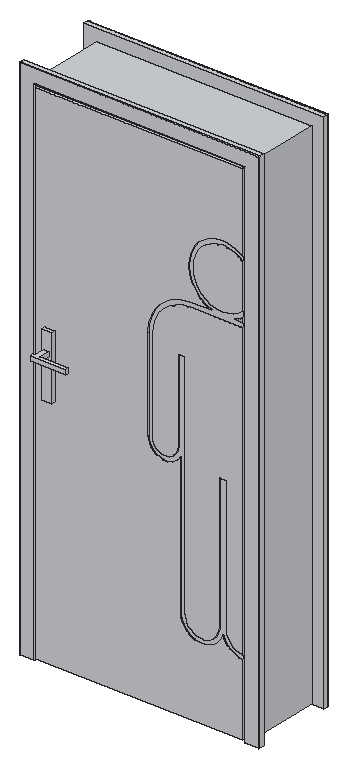
Revit family "PortaVECTORbp_M", category Drzwi, Revit 2016
Family settings
  Obiekt nadrzędny = Ściana
  Zawsze pionowo = Tak
  Tnij formami wycięć po wczytaniu = Nie
  Współdzielony = Nie
  Punkt obliczania pomieszczeń = Nie
Parameters (values of type "PN 80")
  Zakres szerokości muru [instance] = if(and(Szerokość ściany > 94 mm, Szerokość ściany < 120 mm), "B", (if(and(Szerokość ściany > 119 mm, Szerokość ściany < 140 mm), "C", (if(and(Szerokość ściany > 139 mm, Szerokość ściany < 160 mm), "D", (if(and(Szerokość ściany > 159 mm, Szerokość ściany < 180 mm), "E", (if(and(Szerokość ściany > 179 mm, Szerokość ściany < 200 mm), "F", (if(and(Szerokość ściany > 199 mm, Szerokość ściany < 220 mm), "G", (if(and(Szerokość ściany > 219 mm, Szerokość ściany < 240 mm), "H", (if(and(Szerokość ściany > 239 mm, Szerokość ściany < 260 mm), "I", (if(and(Szerokość ściany > 259 mm, Szerokość ściany < 280 mm), "J", (if(and(Szerokość ściany > 279 mm, Szerokość ściany < 301 mm), "K", "BRAK")))))))))))))))))))  # "K"
  Wysokość brutto = 2060 mm
  Szerokość ściany [instance] = 300 mm
  Szerokość brutto = 880 mm
  Model = "Porta Vector M"
  Konstrukcja analityczna = "<Brak>"
  Funkcja = Wewnętrzna
  URL = "www.porta.com.pl"
  Ss = 818 mm
  Sb = 846 mm
  Producent = "PORTA KMI POLAND"
  Keynote = ""
  Opis = "Własność Porta KMI Poland, wszelkie prawa zastrzeżone."  # constant formula
  Wysokość = 2016 mm
  Zakończenie ściany = Wg obiektu nadrzędnego
  Szerokość = 800 mm
  Materiał_skrzydło [instance] = none
  Materiał_ościeżnica [instance] = none
  Materiał_klamka [instance] = none
  Hs = 2017 mm
Types (5, lengths in mm): name | Szerokość brutto | Ss | Sb | Szerokość
  PN 70 | 780 | 718 | 746 | 700
  PN 60 | 680 | 618 | 646 | 600
  PN 80 | 880 | 818 | 846 | 800
  PN 90 | 980 | 918 | 946 | 900
  PN 100 | 1080 | 1018 | 1046 | 1000
Reference planes
  plane 1: y = 0
  plane 2 "Środek (Lewa/Prawa)": x = 0
  plane 3 "Lewy": x = -440
  plane 4 "Prawy": x = 440
  plane 5: z = 2060
  plane 6 "Zewnętrzna": y = 150
  plane 7 "Wewnętrzna": y = -150
  plane 8 "skrzydło": y = -129
  plane 9: x = -409
  plane 10: x = 409
Forms (mm)
  Sweep 1, solid, material <- "Materiał_ościeżnica"
    path in 3D
      loop
        line (-440, -150, 0) -> (-440, -150, 2060) -> (440, -150, 2060) -> (440, -150, 0)
    profile origin (-440, -150, 1030) x (0, -1, 0) y (1, 0, 0)
      loop
        line (-24, 39) -> (-72, 39) -> (-72, 17) -> (0, 17) -> (0, -33) -> (16, -33)
        arc (16, -33) -> (18.121, -32.121) -> (19, -30) r 3
        line (19, -30) -> (19, 24)
        arc (19, 24) -> (18.121, 26.121) -> (16, 27) r 3
        line (16, 27) -> (-24, 27) -> (-24, 39)
  Sweep 2, solid, material <- "Materiał_ościeżnica"
    path in 3D
      loop
        line (440, 150, 0) -> (440, 150, 2060) -> (-440, 150, 2060) -> (-440, 150, 0)
    profile origin (-440, 150, 1030) x (1, 0, 0) y (0, 1, 0)
      loop
        line (-33, 0) -> (17, 0) -> (17, -228) -> (39, -228) -> (39, -1)
        arc (39, -1) -> (37.536, 2.536) -> (34, 4) r 5
        line (34, 4) -> (25, 4) -> (25, 16)
        arc (25, 16) -> (24.121, 18.121) -> (22, 19) r 3
        line (22, 19) -> (-30, 19)
        arc (-30, 19) -> (-32.121, 18.121) -> (-33, 16) r 3
        line (-33, 16) -> (-33, 0)
  Sweep 3, solid, not visible
    path in 3D
      loop
        line (-440, -150, 0) -> (-440, -150, 2060)
    profile origin (-440, -150, 1030) x (0, -1, 0) y (1, 0, 0)
      loop
        line (-151, 17) -> (-149, 17) -> (-149, 19) -> (-151, 19) -> (-151, 17)
Cuts and joins
  joined: Sweep 1, Sweep 2
Lines and regions (mm)
  Opening 1
    outline origin (-3050, -150, 0) x (1, 0, 0) y (0, 0, 1)
      loop
        line (2610, 0) -> (3490, 0) -> (3490, 2060) -> (2610, 2060) -> (2610, 0)
  sketch lines
    curve 1: line (-440, -150, 0) -> (-440, -150, 2060)
    curve 2: line (-440, -150, 2060) -> (440, -150, 2060)
    curve 3: line (440, -150, 2060) -> (440, -150, 0)
    curve 4: line (-440, 150, 2060) -> (-440, 150, 0)
    curve 5: line (440, 150, 2060) -> (-440, 150, 2060)
    curve 6: line (440, 150, 0) -> (440, 150, 2060)
    curve 12: line (-440, -150, 0) -> (-440, -150, 2060)
  symbolic lines, style "DoorsPanelProjection"
    curve 7: line (409, -150, 0) -> (409, -968, 0)
    curve 8: line (409, -968, 0) -> (369, -968, 0)
    curve 9: line (369, -968, 0) -> (369, -150, 0)
    curve 10: line (369, -150, 0) -> (409, -150, 0)
  symbolic lines, style "Ugięcie rzutu"
    curve 11: arc (-409, -150, 0) -> (-169.413, -728.413, 0) -> (409, -968, 0) r 818
Text (mm)
  text "Zewnętrzna" at (-2295.016, 1099.543, 0), in view "Poziom odniesienia"
  text "Zewnętrzna" at (0, 1615.38, 3698.081), in view "Lewy"
  text "Zewnętrzna" at (0, 1036.032, 3874.932), in view "Prawy"
Dimensions and locks
  equal spacing: plane 3 "Lewy", plane 2 "Środek (Lewa/Prawa)", plane 4 "Prawy"
  "Szerokość brutto": plane 3 "Lewy" to plane 4 "Prawy"
  "Wysokość brutto": plane 5 to host wall
  host wall to plane 5 = 2060 mm  (x2)
  locked: plane 6 "Zewnętrzna" to host wall at 0
  locked: plane 7 "Wewnętrzna" to host wall
  "Sb": Sweep 1 to Sweep 1
  locked: Sweep 1 sketch curve to Sweep 1 sketch curve at 22
  Sweep 1 sketch curve to Sweep 1 sketch curve = 50 mm
  locked: Sweep 1 sketch curve to profile plane at 72
  locked: Sweep 2 sketch curve to Sweep 2 sketch curve at 50
  locked: Sweep 2 sketch curve to Sweep 2 sketch curve at 22
  locked: Sweep 2 sketch curve to plane 6 "Zewnętrzna" at 1
  locked: curve 9 to curve 7 at 40
  "Ss": curve 8 to curve 10
  equal spacing: curve 11, plane 2 "Środek (Lewa/Prawa)", curve 7
  locked: plane 7 "Wewnętrzna" to plane 8 "skrzydło" at 21
  locked: host wall to Sweep 3 sketch curve at 1
  locked: Sweep 3 sketch curve to host wall at 1
  locked: Sweep 3 sketch curve to plane 6 "Zewnętrzna" at 151
  locked: plane 7 "Wewnętrzna" to Sweep 3 sketch curve at 151
  nested 1 to plane 2 "Środek (Lewa/Prawa)" to nested 1 = 409 mm, 409 mm
  locked: nested 1 to level at 8
  "Szerokość ściany": host wall to host wall
  equal spacing: plane 9, plane 2 "Środek (Lewa/Prawa)", plane 10
  "Ss": plane 9 to plane 10
  aligned and locked: plane 3 "Lewy" to Opening 1 sketch curve
  aligned and locked: plane 5 to Opening 1 sketch curve  (x2)
  aligned and locked: Opening 1 sketch curve to plane 4 "Prawy"
  aligned and locked: Opening 1 sketch curve to level
  aligned and locked: plane 1 to host wall
  aligned and locked: Sweep 1 to Sweep 2 sketch curve
  aligned and locked: plane 7 "Wewnętrzna" to curve 10
  aligned and locked: Sweep 3 sketch curve to cut or joined group of Sweep 1, Sweep 2
  aligned and locked: Sweep 2 sketch curve to cut or joined group of Sweep 1, Sweep 2
  aligned and locked: nested 1 to plane 8 "skrzydło"
  aligned and locked: nested 1 to plane 10
Automatic sketch dimensions
  profile plane to Sweep 1 sketch curve = 24 mm
  Sweep 1 sketch curve to profile plane = 16 mm  (x2)
  Sweep 1 sketch curve to Sweep 1 sketch curve = 3 mm
  profile plane to Sweep 1 sketch curve = 17 mm
  Sweep 1 sketch curve to Sweep 1 sketch curve = 7 mm
  Sweep 1 sketch curve to profile plane = 0 mm
  Sweep 2 sketch curve to profile plane = 0 mm
  Sweep 2 sketch curve to profile plane = 16 mm
  Sweep 2 sketch curve to Sweep 2 sketch curve = 3 mm
  Sweep 2 sketch curve to Sweep 2 sketch curve = 5 mm
  Sweep 2 sketch curve to profile plane = 4 mm
  Sweep 2 sketch curve to Sweep 2 sketch curve = 8 mm
  curve 11 to host wall = 0 mm
  Sweep 3 sketch curve to Sweep 3 sketch curve = 2 mm
Nested families
  nested 1: "skrzydło" at (0, -135.5, 0), Materiał_klamka <- "Materiał_klamka", Materiał_skrzydło <- "Materiał_skrzydło", type "skrzydło"
    with Materiał_skrzydło none, Materiał_klamka none, Ss 818 mm
Definition of nested family "skrzydło"
  Parameters
    Ss = 918 mm
    Materiał_skrzydło [instance] = none
    Materiał_klamka [instance] = none
    Hs = 2017 mm
  Reference planes
    plane 1 "Tył": y = 6.5
    plane 2: z = 0
    plane 3 "Środek (Lewa/Prawa)": x = 0
    plane 4 "Lewa": x = -509
    plane 5 "Prawa": x = 409
    plane 6 "Przód": y = -33.5
    plane 7: z = 2025
    plane 8 "Centrum": y = -13.5
    plane 9: z = 8
  Forms (mm)
    Extrusion 1, solid, material <- "Materiał_skrzydło"
      sketch origin (-1191.728, -1524, 8) x (-1, 0, 0) y (0, -1, 0)
        loop
          line (-1600.728, -1490.5) -> (-1600.728, -1530.5) -> (-682.728, -1530.5) -> (-682.728, -1490.5) -> (-1600.728, -1490.5)
      from 0 to 2017
    Extrusion 2, void
      sketch origin (-2140.117, -33.5, 1200) x (1, 0, 0) y (0, 0, 1)
        loop
          circle (2469.599, 409.547) r 116.994
        loop
          arc (2514.35, 282.289) -> (2469.775, 544.493) -> (2424.996, 282.324) r 134.9
          line (2424.996, 282.324) -> (2338.548, 282.357)
          arc (2338.548, 282.357) -> (2223.57, 233.512) -> (2174.277, 118.725) r 167.67
          line (2174.277, 118.725) -> (2174.238, -245.613)
          arc (2174.238, -245.613) -> (2224.826, -311.095) -> (2301.465, -279.893) r 68.38
          line (2301.465, -279.893) -> (2301.465, -823.621)
          arc (2301.465, -823.621) -> (2374.589, -908.61) -> (2469.888, -849.549) r 86.247
          arc (2469.888, -849.549) -> (2564.998, -908.653) -> (2638.525, -824.195) r 86.373
          line (2638.525, -824.195) -> (2638.525, -280.235)
          arc (2638.525, -280.235) -> (2715.559, -310.953) -> (2765.754, -244.936) r 68.511
          line (2765.754, -244.936) -> (2765.754, 117.914)
          arc (2765.754, 117.914) -> (2717.876, 232.548) -> (2604.023, 282.255) r 166.73
          line (2604.023, 282.255) -> (2514.35, 282.289)
        loop
          arc (2192.236, -245.401) -> (2242.406, -295.41) -> (2293.223, -246.059) r 50.501
          line (2293.223, -246.059) -> (2293.379, 80.299) -> (2319.463, 80.003) -> (2319.463, -823.428)
          arc (2319.463, -823.428) -> (2387.401, -891.715) -> (2456.035, -824.127) r 68.288
          line (2456.035, -824.127) -> (2456.162, -298.767) -> (2483.955, -298.801) -> (2483.968, -825.222)
          arc (2483.968, -825.222) -> (2552.942, -892.109) -> (2620.532, -823.823) r 68.289
          line (2620.532, -823.823) -> (2620.532, 79.827) -> (2646.718, 79.976) -> (2646.718, -247.41)
          arc (2646.718, -247.41) -> (2698.463, -295.458) -> (2747.754, -244.926) r 50.548
          line (2747.754, -244.926) -> (2747.754, 116.852)
          arc (2747.754, 116.852) -> (2705.288, 219.374) -> (2603.799, 264.255) r 149.263
          line (2603.799, 264.255) -> (2337.738, 264.358)
          arc (2337.738, 264.358) -> (2235.887, 220.604) -> (2192.275, 118.692) r 149.299
          line (2192.275, 118.692) -> (2192.236, -245.401)
      from -1 to 10
    Extrusion 3, void
      sketch origin (-2140.117, 6.5, 1200) x (1, 0, 0) y (0, 0, -1)
        loop
          circle (2469.599, -409.547) r 116.994
        loop
          line (2514.35, -282.289) -> (2604.023, -282.255)
          arc (2604.023, -282.255) -> (2717.876, -232.548) -> (2765.754, -117.914) r 166.73
          line (2765.754, -117.914) -> (2765.754, 244.936)
          arc (2765.754, 244.936) -> (2715.559, 310.953) -> (2638.525, 280.235) r 68.511
          line (2638.525, 280.235) -> (2638.525, 824.195)
          arc (2638.525, 824.195) -> (2564.998, 908.653) -> (2469.888, 849.549) r 86.373
          arc (2469.888, 849.549) -> (2374.589, 908.61) -> (2301.465, 823.621) r 86.247
          line (2301.465, 823.621) -> (2301.465, 279.893)
          arc (2301.465, 279.893) -> (2224.826, 311.095) -> (2174.238, 245.613) r 68.38
          line (2174.238, 245.613) -> (2174.277, -118.725)
          arc (2174.277, -118.725) -> (2223.57, -233.512) -> (2338.548, -282.357) r 167.67
          line (2338.548, -282.357) -> (2424.996, -282.324)
          arc (2424.996, -282.324) -> (2469.775, -544.493) -> (2514.35, -282.289) r 134.9
        loop
          line (2192.236, 245.401) -> (2192.275, -118.692)
          arc (2192.275, -118.692) -> (2235.887, -220.604) -> (2337.738, -264.358) r 149.299
          line (2337.738, -264.358) -> (2603.799, -264.255)
          arc (2603.799, -264.255) -> (2705.288, -219.374) -> (2747.754, -116.852) r 149.263
          line (2747.754, -116.852) -> (2747.754, 244.926)
          arc (2747.754, 244.926) -> (2698.463, 295.458) -> (2646.718, 247.41) r 50.548
          line (2646.718, 247.41) -> (2646.718, -79.976) -> (2620.532, -79.827) -> (2620.532, 823.823)
          arc (2620.532, 823.823) -> (2552.942, 892.109) -> (2483.968, 825.222) r 68.289
          line (2483.968, 825.222) -> (2483.955, 298.801) -> (2456.162, 298.767) -> (2456.035, 824.127)
          arc (2456.035, 824.127) -> (2387.401, 891.715) -> (2319.463, 823.428) r 68.288
          line (2319.463, 823.428) -> (2319.463, -80.003) -> (2293.379, -80.299) -> (2293.223, 246.059)
          arc (2293.223, 246.059) -> (2242.406, 295.41) -> (2192.236, 245.401) r 50.501
      from -1 to 10
  Cuts and joins
    Extrusion 2, Extrusion 3 cuts Extrusion 1
  Dimensions and locks
    "Ss": plane 4 "Lewa" to plane 5 "Prawa"
    locked: plane 9 to level at 8
    "Hs": plane 7 to plane 9
    locked: nested 1 to plane 9 at 934
    locked: plane 9 to nested 2 at 934
    equal spacing: plane 6 "Przód", plane 8 "Centrum", plane 1 "Tył"
    locked: plane 4 "Lewa" to nested 1 at 55
    locked: plane 4 "Lewa" to nested 2 at 55
    locked: plane 3 "Środek (Lewa/Prawa)" to plane 5 "Prawa" at 409
    aligned and locked: nested 1 to plane 6 "Przód"
    aligned and locked: plane 4 "Lewa" to Extrusion 1 sketch curve
    aligned and locked: plane 7 to Extrusion 1
    aligned and locked: nested 2 to nested 1
    aligned and locked: Extrusion 1 sketch curve to plane 5 "Prawa"
  Automatic sketch dimensions
    plane 1 "Tył" to Extrusion 1 sketch curve = 0 mm
    Extrusion 1 sketch curve to plane 6 "Przód" = 0 mm
    plane 3 "Środek (Lewa/Prawa)" to Extrusion 2 sketch curve = 34.121 mm
    plane 3 "Środek (Lewa/Prawa)" to Extrusion 2 sketch curve = 34.16 mm
    Extrusion 2 sketch curve to Extrusion 2 sketch curve = 0 mm  (x3)
    Extrusion 2 sketch curve to Extrusion 2 sketch curve = 17.998 mm  (x3)
    Extrusion 2 sketch curve to Extrusion 2 sketch curve = 50.38 mm
    Extrusion 2 sketch curve to Extrusion 2 sketch curve = 0.119 mm
    Extrusion 2 sketch curve to Extrusion 2 sketch curve = 50.488 mm
    Extrusion 2 sketch curve to Extrusion 2 sketch curve = 101.104 mm
    Extrusion 2 sketch curve to Extrusion 2 sketch curve = 8.242 mm
    Extrusion 2 sketch curve to Extrusion 2 sketch curve = 18.276 mm
    Extrusion 2 sketch curve to Extrusion 2 sketch curve = 0.809 mm
    Extrusion 2 sketch curve to Extrusion 2 sketch curve = 22.068 mm
    Extrusion 2 sketch curve to Extrusion 2 sketch curve = 0.368 mm
    Extrusion 2 sketch curve to Extrusion 2 sketch curve = 68.249 mm
    Extrusion 2 sketch curve to Extrusion 2 sketch curve = 0.04 mm
    Extrusion 2 sketch curve to Extrusion 2 sketch curve = 86.448 mm
    Extrusion 2 sketch curve to Extrusion 2 sketch curve = 68.285 mm
    Extrusion 2 sketch curve to plane 5 "Prawa" = 92.955 mm
    Extrusion 2 sketch curve to plane 5 "Prawa" = 79.518 mm
    Extrusion 2 sketch curve to Extrusion 2 sketch curve = 0.123 mm
    Extrusion 2 sketch curve to Extrusion 2 sketch curve = 13.853 mm
    Extrusion 2 sketch curve to Extrusion 2 sketch curve = 27.793 mm
    Extrusion 2 sketch curve to Extrusion 2 sketch curve = 27.933 mm
    Extrusion 2 sketch curve to plane 5 "Prawa" = 34.767 mm
    plane 5 "Prawa" to Extrusion 2 sketch curve = 3.04 mm
    Extrusion 2 sketch curve to Extrusion 2 sketch curve = 0.086 mm
    plane 5 "Prawa" to Extrusion 2 sketch curve = 49.384 mm
    Extrusion 2 sketch curve to Extrusion 2 sketch curve = 0.538 mm
    plane 5 "Prawa" to Extrusion 2 sketch curve = 54.682 mm
    Extrusion 2 sketch curve to Extrusion 2 sketch curve = 0.225 mm
    Extrusion 2 sketch curve to Extrusion 2 sketch curve = 22.031 mm
    Extrusion 2 sketch curve to Extrusion 2 sketch curve = 17.993 mm
    Extrusion 2 sketch curve to Extrusion 2 sketch curve = 26.186 mm
    Extrusion 2 sketch curve to Extrusion 2 sketch curve = 0.002 mm
    Extrusion 2 sketch curve to Extrusion 2 sketch curve = 50.486 mm
    Extrusion 2 sketch curve to Extrusion 2 sketch curve = 0.037 mm
    Extrusion 2 sketch curve to Extrusion 2 sketch curve = 101.036 mm
    Extrusion 2 sketch curve to Extrusion 2 sketch curve = 50.511 mm
    Extrusion 2 sketch curve to Extrusion 2 sketch curve = 18 mm
    plane 9 to Extrusion 2 sketch curve = 342.451 mm
    Extrusion 2 sketch curve to Extrusion 2 sketch curve = 24.327 mm
    Extrusion 2 sketch curve to Extrusion 2 sketch curve = 0.372 mm
    Extrusion 2 sketch curve to Extrusion 2 sketch curve = 1.095 mm
    Extrusion 2 sketch curve to Extrusion 2 sketch curve = 0.193 mm
    Extrusion 2 sketch curve to Extrusion 2 sketch curve = 525.326 mm
    Extrusion 2 sketch curve to Extrusion 2 sketch curve = 0.033 mm  (x3)
    Extrusion 2 sketch curve to Extrusion 2 sketch curve = 18.566 mm
    Extrusion 2 sketch curve to Extrusion 2 sketch curve = 18.874 mm
    Extrusion 2 sketch curve to Extrusion 2 sketch curve = 32.794 mm
    Extrusion 2 sketch curve to Extrusion 2 sketch curve = 33.834 mm
    Extrusion 2 sketch curve to Extrusion 2 sketch curve = 0.446 mm
    Extrusion 2 sketch curve to Extrusion 2 sketch curve = 0.212 mm
    Extrusion 2 sketch curve to Extrusion 2 sketch curve = 327.237 mm
    Extrusion 2 sketch curve to Extrusion 2 sketch curve = 0.149 mm
    Extrusion 2 sketch curve to Extrusion 2 sketch curve = 0.176 mm
    Extrusion 2 sketch curve to Extrusion 2 sketch curve = 0.296 mm
    Extrusion 2 sketch curve to Extrusion 2 sketch curve = 34.718 mm
    Extrusion 2 sketch curve to Extrusion 2 sketch curve = 35.258 mm
    Extrusion 2 sketch curve to Extrusion 2 sketch curve = 0.386 mm
    Extrusion 2 sketch curve to Extrusion 2 sketch curve = 0.514 mm
    Extrusion 2 sketch curve to Extrusion 2 sketch curve = 36.875 mm
    Extrusion 2 sketch curve to Extrusion 2 sketch curve = 1.062 mm
    Extrusion 2 sketch curve to Extrusion 2 sketch curve = 38.393 mm
    Extrusion 2 sketch curve to Extrusion 2 sketch curve = 0.034 mm
    Extrusion 2 sketch curve to Extrusion 2 sketch curve = 0.046 mm
    plane 3 "Środek (Lewa/Prawa)" to Extrusion 3 sketch curve = 34.121 mm
    plane 3 "Środek (Lewa/Prawa)" to Extrusion 3 sketch curve = 34.16 mm
    Extrusion 3 sketch curve to Extrusion 3 sketch curve = 0 mm  (x3)
    Extrusion 3 sketch curve to Extrusion 3 sketch curve = 17.998 mm  (x3)
    Extrusion 3 sketch curve to Extrusion 3 sketch curve = 50.38 mm
    Extrusion 3 sketch curve to Extrusion 3 sketch curve = 0.119 mm
    Extrusion 3 sketch curve to Extrusion 3 sketch curve = 50.488 mm
    Extrusion 3 sketch curve to Extrusion 3 sketch curve = 101.104 mm
    Extrusion 3 sketch curve to Extrusion 3 sketch curve = 8.242 mm
    Extrusion 3 sketch curve to Extrusion 3 sketch curve = 18.276 mm
    Extrusion 3 sketch curve to Extrusion 3 sketch curve = 0.809 mm
    Extrusion 3 sketch curve to Extrusion 3 sketch curve = 22.068 mm
    Extrusion 3 sketch curve to Extrusion 3 sketch curve = 0.368 mm
    Extrusion 3 sketch curve to Extrusion 3 sketch curve = 68.249 mm
    Extrusion 3 sketch curve to Extrusion 3 sketch curve = 0.04 mm
    Extrusion 3 sketch curve to Extrusion 3 sketch curve = 86.448 mm
    Extrusion 3 sketch curve to Extrusion 3 sketch curve = 68.285 mm
    Extrusion 3 sketch curve to plane 5 "Prawa" = 92.955 mm
    Extrusion 3 sketch curve to plane 5 "Prawa" = 79.518 mm
    Extrusion 3 sketch curve to Extrusion 3 sketch curve = 0.123 mm
    Extrusion 3 sketch curve to Extrusion 3 sketch curve = 13.853 mm
    Extrusion 3 sketch curve to Extrusion 3 sketch curve = 27.793 mm
    Extrusion 3 sketch curve to Extrusion 3 sketch curve = 27.933 mm
    Extrusion 3 sketch curve to plane 5 "Prawa" = 34.767 mm
    plane 5 "Prawa" to Extrusion 3 sketch curve = 3.04 mm
    Extrusion 3 sketch curve to Extrusion 3 sketch curve = 0.086 mm
    plane 5 "Prawa" to Extrusion 3 sketch curve = 49.384 mm
    Extrusion 3 sketch curve to Extrusion 3 sketch curve = 0.538 mm
    plane 5 "Prawa" to Extrusion 3 sketch curve = 54.682 mm
    Extrusion 3 sketch curve to Extrusion 3 sketch curve = 0.225 mm
    Extrusion 3 sketch curve to Extrusion 3 sketch curve = 22.031 mm
    Extrusion 3 sketch curve to Extrusion 3 sketch curve = 17.993 mm
    Extrusion 3 sketch curve to Extrusion 3 sketch curve = 26.186 mm
    Extrusion 3 sketch curve to Extrusion 3 sketch curve = 0.002 mm
    Extrusion 3 sketch curve to Extrusion 3 sketch curve = 50.487 mm
    Extrusion 3 sketch curve to Extrusion 3 sketch curve = 0.037 mm
    Extrusion 3 sketch curve to Extrusion 3 sketch curve = 101.036 mm
    Extrusion 3 sketch curve to Extrusion 3 sketch curve = 50.511 mm
    Extrusion 3 sketch curve to Extrusion 3 sketch curve = 18 mm  (x3)
    Extrusion 3 sketch curve to plane 7 = 415.407 mm
    Extrusion 3 sketch curve to Extrusion 3 sketch curve = 0.046 mm
    Extrusion 3 sketch curve to Extrusion 3 sketch curve = 127.19 mm
    Extrusion 3 sketch curve to Extrusion 3 sketch curve = 0.033 mm  (x3)
    Extrusion 3 sketch curve to Extrusion 3 sketch curve = 0.034 mm
    Extrusion 3 sketch curve to Extrusion 3 sketch curve = 145.633 mm
    Extrusion 3 sketch curve to Extrusion 3 sketch curve = 146.341 mm
    Extrusion 3 sketch curve to Extrusion 3 sketch curve = 1.062 mm
    Extrusion 3 sketch curve to Extrusion 3 sketch curve = 34.809 mm
    Extrusion 3 sketch curve to Extrusion 3 sketch curve = 0.296 mm
    Extrusion 3 sketch curve to Extrusion 3 sketch curve = 35.623 mm
    Extrusion 3 sketch curve to Extrusion 3 sketch curve = 0.149 mm
    Extrusion 3 sketch curve to Extrusion 3 sketch curve = 325.209 mm
    Extrusion 3 sketch curve to Extrusion 3 sketch curve = 324.902 mm
    Extrusion 3 sketch curve to Extrusion 3 sketch curve = 0.011 mm
    Extrusion 3 sketch curve to Extrusion 3 sketch curve = 0.159 mm
    Extrusion 3 sketch curve to Extrusion 3 sketch curve = 0.332 mm
    Extrusion 3 sketch curve to Extrusion 3 sketch curve = 0.212 mm
    Extrusion 3 sketch curve to Extrusion 3 sketch curve = 18.874 mm
    plane 9 to Extrusion 3 sketch curve = 368.76 mm
    Extrusion 3 sketch curve to Extrusion 3 sketch curve = 0.127 mm
    Extrusion 3 sketch curve to Extrusion 3 sketch curve = 0.061 mm
    Extrusion 3 sketch curve to Extrusion 3 sketch curve = 0.193 mm
    Extrusion 3 sketch curve to Extrusion 3 sketch curve = 0.372 mm
    radius of Extrusion 2 sketch curve = 116.994 mm
    radius of Extrusion 3 sketch curve = 116.994 mm
  Nested families
    nested 1: "KLAMKA" at (-454, -33.5, 1067), Materiał klamki <- "Materiał_klamka", type "KLAMKA"
      with Materiał klamki none
    nested 2: "KLAMKA" at (-454, 6.5, 1067), Materiał klamki <- "Materiał_klamka", type "KLAMKA"
      with Materiał klamki none
  Definition of nested family "KLAMKA"
    Parameters
      Materiał klamki [instance] = none
      Assembly Code = ""
      Default Elevation = 1219.2 mm
    Reference planes
      plane 1 "Center (Front/Back)": y = 0
      plane 2: z = 0
      plane 3 "Center (Left/Right)": x = 0
      plane 4: z = 125
      plane 5: z = -125
      plane 6: x = 20
      plane 7: x = -20
      plane 8: y = -70
      plane 9: y = -60
      plane 10: x = 10
      plane 11: x = -10
      plane 12: x = 120
      plane 13: z = 35
      plane 14: z = 55
      plane 15: y = -15
    Forms (mm)
      Extrusion 1, solid, material <- "Materiał klamki"
        sketch origin (0, 0, 0) x (1, 0, 0) y (0, 0, 1)
          loop
            line (-20, 125) -> (-20, -125) -> (20, -125) -> (20, 125) -> (-20, 125)
        from 0 to 15
      Extrusion 2, solid, material <- "Materiał klamki"
        sketch origin (0, 0, 0) x (1, 0, 0) y (0, 1, 0)
          loop
            line (-10, -15) -> (-10, -60) -> (-20, -60) -> (-20, -70) -> (120, -70) -> (120, -60) -> (10, -60) -> (10, -15) -> (-10, -15)
        from 35 to 55
    Dimensions and locks
      equal spacing: plane 4, plane 2, plane 5
      plane 4 to plane 5 = 250 mm
      equal spacing: plane 7, plane 3 "Center (Left/Right)", plane 6
      plane 7 to plane 6 = 40 mm
      plane 8 to plane 1 "Center (Front/Back)" = 70 mm
      plane 11 to plane 3 "Center (Left/Right)" to plane 10 = 10 mm locked, 10 mm locked
      plane 7 to plane 12 = 140 mm
      plane 15 to plane 1 "Center (Front/Back)" = 15 mm
      aligned and locked: plane 7 to Extrusion 1 sketch curve
      aligned and locked: Extrusion 1 sketch curve to plane 4
      aligned and locked: plane 5 to Extrusion 1 sketch curve
      aligned and locked: Extrusion 1 sketch curve to plane 6
      aligned and locked: plane 15 to Extrusion 1
      aligned and locked: Extrusion 1 to plane 1 "Center (Front/Back)"
      aligned and locked: plane 14 to Extrusion 2
      aligned and locked: Extrusion 2 to plane 13
    Automatic sketch dimensions
      Extrusion 2 sketch curve to plane 7 = 0 mm
      Extrusion 2 sketch curve to plane 9 = 0 mm  (x2)
      Extrusion 2 sketch curve to plane 11 = 0 mm
      Extrusion 2 sketch curve to plane 10 = 0 mm
      Extrusion 2 sketch curve to plane 12 = 0 mm
      Extrusion 2 sketch curve to plane 8 = 0 mm
      Extrusion 2 sketch curve to plane 15 = 0 mm
